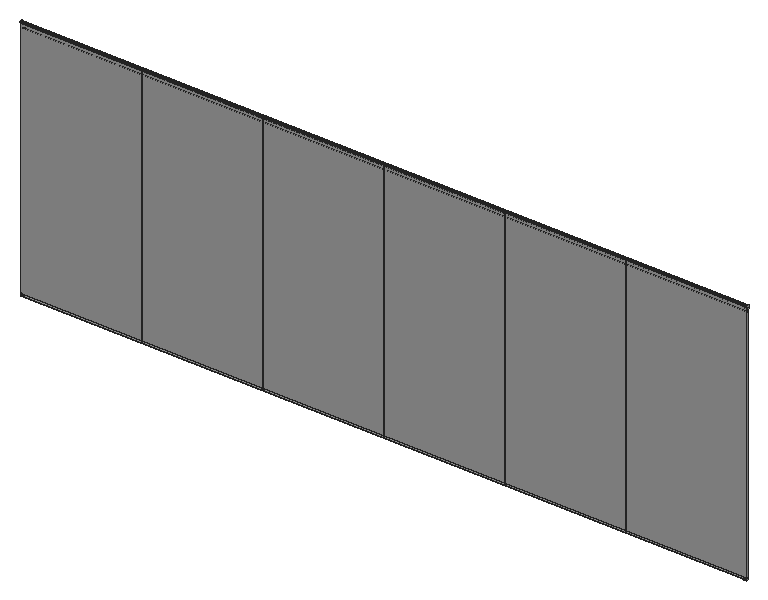
Revit family "Unity Glass Wall 8x24", category Generic Models, Revit 2018
Family settings
  Can host rebar = No
  Round Connector Dimension = Use Diameter
  Part Type = Normal
  Work Plane-Based = No
  Always vertical = Yes
  Cut with Voids When Loaded = No
  Shared = No
  Room Calculation Point = No
Parameters
  Panel #6 = Unity Glass Wall 8x24 Panel #6
  Panel #5 = Unity Glass Wall 8x24 Panel #5
  Panel #4 = Unity Glass Wall 8x24 Panel #4
  Panel #3 = Unity Glass Wall 8x24 Panel #3
  Panel #2 = Unity Glass Wall 8x24 Panel #2
  Panel #1 = Unity Glass Wall 8x24 Panel #1
Reference planes (in)
  plane 1 "Center (Front/Back)": y = 0
  plane 2: z = 0
  plane 3 "Center (Left/Right)": x = 0
Forms (in)
  Extrusion 1, solid, material "Unity Glass Wall Trim Metal"
    sketch origin (-141.73228, 0, 12.64022) x (0, 1, 0) y (0, 0, 1)
      loop
        line (0, 83.30899) -> (-0.645, 83.30899)
        arc (-0.645, 83.30899) -> (-0.70034, 83.28391) -> (-0.71795, 83.22577) r 0.07358
        arc (-0.71795, 83.22577) -> (-0.66251, 82.98163) -> (-0.5634, 82.75172) r 1.36464
        arc (-0.5634, 82.75172) -> (-0.54859, 82.73439) -> (-0.52802, 82.72453) r 0.05514
        line (-0.52802, 82.72453) -> (-0.48302, 82.72453) -> (-0.48302, 82.77531) -> (-0.51842, 82.77531)
        arc (-0.51842, 82.77531) -> (-0.6141, 82.99698) -> (-0.66761, 83.23242) r 1.31386
        arc (-0.66761, 83.23242) -> (-0.66215, 83.25044) -> (-0.645, 83.25821) r 0.0228
        line (-0.645, 83.25821) -> (-0.05078, 83.25821) -> (-0.05078, 82.12852) -> (-0.118, 82.19574) -> (-0.118, 82.45703) -> (-0.166, 82.45703) -> (-0.166, 82.19574)
        arc (-0.166, 82.19574) -> (-0.16235, 82.17737) -> (-0.15194, 82.1618) r 0.048
        line (-0.15194, 82.1618) -> (-0.1, 82.10985) -> (-0.1, 81.00078)
        arc (-0.1, 81.00078) -> (-0.05, 80.95078) -> (0, 81.00078) r 0.05
        line (0, 81.00078) -> (0, 83.30899)
    from 0.2 to 283.26457
  Extrusion 2, solid, material "Unity Glass Wall 8x24 Panel #1" <- "Panel #1"
    sketch origin (-141.73228, 0, 0.63581) x (0, 1, 0) y (0, 0, 1)
      loop
        line (-0.48802, -0.53425) -> (-0.28802, -0.53425) -> (-0.28802, 95.26263) -> (-0.48802, 95.26263) -> (-0.48802, -0.53425)
    from 0 to 47.24409
  Extrusion 3, solid, material "Unity Glass Wall Trim Metal"
    sketch origin (-94.48819, 0, 12.64022) x (0, 1, 0) y (0, 0, 1)
      loop
        line (0, 83.35978) -> (-0.645, 83.35978)
        arc (-0.645, 83.35978) -> (-0.73852, 83.31739) -> (-0.76829, 83.21911) r 0.12436
        arc (-0.76829, 83.21911) -> (-0.55414, 82.63679) -> (-0.11151, 82.20201) r 1.41542
        arc (-0.11151, 82.20201) -> (-0.09645, 82.19579) -> (-0.08019, 82.19478) r 0.04981
        line (-0.08019, 82.19478) -> (0, 82.19478) -> (0, 83.35978)
    from -47.24409 to -47.34409
  Extrusion 4, solid, material "Unity Glass Wall Trim Metal"
    sketch origin (-188.97638, 0, 12.64022) x (0, 1, 0) y (0, 0, -1)
      loop
        line (0, -83.35978) -> (0, -81.00078)
        arc (0, -81.00078) -> (-0.05, -80.95078) -> (-0.1, -81.00078) r 0.05
        line (-0.1, -81.00078) -> (-0.1, -82.10985) -> (-0.15194, -82.1618)
        arc (-0.15194, -82.1618) -> (-0.16235, -82.17737) -> (-0.166, -82.19574) r 0.048
        line (-0.166, -82.19574) -> (-0.166, -82.45703) -> (-0.118, -82.45703) -> (-0.118, -82.19574) -> (-0.048, -82.12574) -> (-0.048, -83.30899) -> (-0.645, -83.30899)
        arc (-0.645, -83.30899) -> (-0.70034, -83.28391) -> (-0.71795, -83.22577) r 0.07358
        arc (-0.71795, -83.22577) -> (-0.66202, -82.98012) -> (-0.56188, -82.74894) r 1.36464
        arc (-0.56188, -82.74894) -> (-0.5474, -82.73362) -> (-0.52802, -82.72531) r 0.05198
        line (-0.52802, -82.72531) -> (-0.48302, -82.72531) -> (-0.48302, -82.67453) -> (-0.5309, -82.67453)
        arc (-0.5309, -82.67453) -> (-0.56773, -82.68318) -> (-0.59684, -82.70734) r 0.08265
        arc (-0.59684, -82.70734) -> (-0.70718, -82.95498) -> (-0.76829, -83.21911) r 1.41542
        arc (-0.76829, -83.21911) -> (-0.73852, -83.31739) -> (-0.645, -83.35978) r 0.12436
        line (-0.645, -83.35978) -> (0, -83.35978)
    from -47.24409 to -47.44409
  Extrusion 5, solid, material "Unity Glass Wall Trim Metal"
    sketch origin (-141.73228, 0, 83.35978) x (0, 1, 0) y (0, 0, 1)
      loop
        line (0, -83.30899) -> (0, -81.00078)
        arc (0, -81.00078) -> (-0.05, -80.95078) -> (-0.1, -81.00078) r 0.05
        line (-0.1, -81.00078) -> (-0.1, -82.10985) -> (-0.15194, -82.1618)
        arc (-0.15194, -82.1618) -> (-0.16235, -82.17737) -> (-0.166, -82.19574) r 0.048
        line (-0.166, -82.19574) -> (-0.166, -82.45703) -> (-0.118, -82.45703) -> (-0.118, -82.19574) -> (-0.05078, -82.12852) -> (-0.05078, -83.25821) -> (-0.645, -83.25821)
        arc (-0.645, -83.25821) -> (-0.66215, -83.25044) -> (-0.66761, -83.23242) r 0.0228
        arc (-0.66761, -83.23242) -> (-0.6141, -82.99698) -> (-0.51842, -82.77531) r 1.31386
        line (-0.51842, -82.77531) -> (-0.48302, -82.77531) -> (-0.48302, -82.72453) -> (-0.52802, -82.72453)
        arc (-0.52802, -82.72453) -> (-0.54859, -82.73439) -> (-0.5634, -82.75172) r 0.05514
        arc (-0.5634, -82.75172) -> (-0.66251, -82.98163) -> (-0.71795, -83.22577) r 1.36464
        arc (-0.71795, -83.22577) -> (-0.70034, -83.28391) -> (-0.645, -83.30899) r 0.07358
        line (-0.645, -83.30899) -> (0, -83.30899)
    from 0.2 to 283.26457
  Extrusion 6, solid, material "Unity Glass Wall Trim Metal"
    sketch origin (-94.48819, 0, 83.35978) x (0, 1, 0) y (0, 0, 1)
      loop
        line (0, -83.35978) -> (0, -82.19478) -> (-0.08019, -82.19478)
        arc (-0.08019, -82.19478) -> (-0.09645, -82.19579) -> (-0.11151, -82.20201) r 0.04981
        arc (-0.11151, -82.20201) -> (-0.55414, -82.63679) -> (-0.76829, -83.21911) r 1.41542
        arc (-0.76829, -83.21911) -> (-0.73852, -83.31739) -> (-0.645, -83.35978) r 0.12436
        line (-0.645, -83.35978) -> (0, -83.35978)
    from -47.24409 to -47.34409
  Extrusion 7, solid, material "Unity Glass Wall Trim Metal"
    sketch origin (-188.97638, 0, 83.35978) x (0, 1, 0) y (0, 0, -1)
      loop
        line (0, 83.35978) -> (-0.645, 83.35978)
        arc (-0.645, 83.35978) -> (-0.73852, 83.31739) -> (-0.76829, 83.21911) r 0.12436
        arc (-0.76829, 83.21911) -> (-0.70718, 82.95498) -> (-0.59684, 82.70734) r 1.41542
        arc (-0.59684, 82.70734) -> (-0.56773, 82.68318) -> (-0.5309, 82.67453) r 0.08265
        line (-0.5309, 82.67453) -> (-0.48302, 82.67453) -> (-0.48302, 82.72531) -> (-0.52802, 82.72531)
        arc (-0.52802, 82.72531) -> (-0.5474, 82.73362) -> (-0.56188, 82.74894) r 0.05198
        arc (-0.56188, 82.74894) -> (-0.66202, 82.98012) -> (-0.71795, 83.22577) r 1.36464
        arc (-0.71795, 83.22577) -> (-0.70034, 83.28391) -> (-0.645, 83.30899) r 0.07358
        line (-0.645, 83.30899) -> (-0.048, 83.30899) -> (-0.048, 82.12574) -> (-0.118, 82.19574) -> (-0.118, 82.45703) -> (-0.166, 82.45703) -> (-0.166, 82.19574)
        arc (-0.166, 82.19574) -> (-0.16235, 82.17737) -> (-0.15194, 82.1618) r 0.048
        line (-0.15194, 82.1618) -> (-0.1, 82.10985) -> (-0.1, 81.00078)
        arc (-0.1, 81.00078) -> (-0.05, 80.95078) -> (0, 81.00078) r 0.05
        line (0, 81.00078) -> (0, 83.35978)
    from -47.24409 to -47.44409
  Extrusion 8, solid, material "Unity Glass Wall 8x24 Panel #2" <- "Panel #2"
    sketch origin (-94.48819, 0, 0.63581) x (0, 1, 0) y (0, 0, 1)
      loop
        line (-0.48802, -0.53425) -> (-0.28802, -0.53425) -> (-0.28802, 95.26263) -> (-0.48802, 95.26263) -> (-0.48802, -0.53425)
    from 0 to 47.24409
  Extrusion 9, solid, material "Unity Glass Wall 8x24 Panel #3" <- "Panel #3"
    sketch origin (0, 0, 0.63581) x (0, 1, 0) y (0, 0, -1)
      loop
        line (-0.48802, 0.53425) -> (-0.48802, -95.26263) -> (-0.28802, -95.26263) -> (-0.28802, 0.53425) -> (-0.48802, 0.53425)
    from 0 to 47.24409
  Extrusion 10, solid, material "Unity Glass Wall 8x24 Panel #4" <- "Panel #4"
    sketch origin (47.24409, 0, 0.63581) x (0, 1, 0) y (0, 0, -1)
      loop
        line (-0.48802, 0.53425) -> (-0.48802, -95.26263) -> (-0.28802, -95.26263) -> (-0.28802, 0.53425) -> (-0.48802, 0.53425)
    from 0 to 47.24409
  Extrusion 11, solid, material "Unity Glass Wall 8x24 Panel #5" <- "Panel #5"
    sketch origin (94.48819, 0, 0.63581) x (0, 1, 0) y (0, 0, -1)
      loop
        line (-0.48802, 0.53425) -> (-0.48802, -95.26263) -> (-0.28802, -95.26263) -> (-0.28802, 0.53425) -> (-0.48802, 0.53425)
    from 0 to 47.24409
  Extrusion 12, solid, material "Unity Glass Wall Trim Metal"
    sketch origin (94.48819, 0, 12.64022) x (0, 1, 0) y (0, 0, -1)
      loop
        line (0, -83.35978) -> (0, -82.19478) -> (-0.08019, -82.19478)
        arc (-0.08019, -82.19478) -> (-0.09645, -82.19579) -> (-0.11151, -82.20201) r 0.04981
        arc (-0.11151, -82.20201) -> (-0.55414, -82.63679) -> (-0.76829, -83.21911) r 1.41542
        arc (-0.76829, -83.21911) -> (-0.73852, -83.31739) -> (-0.645, -83.35978) r 0.12436
        line (-0.645, -83.35978) -> (0, -83.35978)
    from -47.24409 to -47.34409
  Extrusion 13, solid, material "Unity Glass Wall Trim Metal"
    sketch origin (188.97638, 0, 12.64022) x (0, 1, 0) y (0, 0, 1)
      loop
        line (0, 83.35978) -> (-0.645, 83.35978)
        arc (-0.645, 83.35978) -> (-0.73852, 83.31739) -> (-0.76829, 83.21911) r 0.12436
        arc (-0.76829, 83.21911) -> (-0.70718, 82.95498) -> (-0.59684, 82.70734) r 1.41542
        arc (-0.59684, 82.70734) -> (-0.56773, 82.68318) -> (-0.5309, 82.67453) r 0.08265
        line (-0.5309, 82.67453) -> (-0.48302, 82.67453) -> (-0.48302, 82.72531) -> (-0.52802, 82.72531)
        arc (-0.52802, 82.72531) -> (-0.5474, 82.73362) -> (-0.56188, 82.74894) r 0.05198
        arc (-0.56188, 82.74894) -> (-0.66202, 82.98012) -> (-0.71795, 83.22577) r 1.36464
        arc (-0.71795, 83.22577) -> (-0.70034, 83.28391) -> (-0.645, 83.30899) r 0.07358
        line (-0.645, 83.30899) -> (-0.048, 83.30899) -> (-0.048, 82.12574) -> (-0.118, 82.19574) -> (-0.118, 82.45703) -> (-0.166, 82.45703) -> (-0.166, 82.19574)
        arc (-0.166, 82.19574) -> (-0.16235, 82.17737) -> (-0.15194, 82.1618) r 0.048
        line (-0.15194, 82.1618) -> (-0.1, 82.10985) -> (-0.1, 81.00078)
        arc (-0.1, 81.00078) -> (-0.05, 80.95078) -> (0, 81.00078) r 0.05
        line (0, 81.00078) -> (0, 83.35978)
    from -47.24409 to -47.44409
  Extrusion 14, solid, material "Unity Glass Wall Trim Metal"
    sketch origin (94.48819, 0, 83.35978) x (0, 1, 0) y (0, 0, -1)
      loop
        line (0, 83.35978) -> (-0.645, 83.35978)
        arc (-0.645, 83.35978) -> (-0.73852, 83.31739) -> (-0.76829, 83.21911) r 0.12436
        arc (-0.76829, 83.21911) -> (-0.55414, 82.63679) -> (-0.11151, 82.20201) r 1.41542
        arc (-0.11151, 82.20201) -> (-0.09645, 82.19579) -> (-0.08019, 82.19478) r 0.04981
        line (-0.08019, 82.19478) -> (0, 82.19478) -> (0, 83.35978)
    from -47.24409 to -47.34409
  Extrusion 15, solid, material "Unity Glass Wall Trim Metal"
    sketch origin (188.97638, 0, 83.35978) x (0, 1, 0) y (0, 0, 1)
      loop
        line (0, -83.35978) -> (0, -81.00078)
        arc (0, -81.00078) -> (-0.05, -80.95078) -> (-0.1, -81.00078) r 0.05
        line (-0.1, -81.00078) -> (-0.1, -82.10985) -> (-0.15194, -82.1618)
        arc (-0.15194, -82.1618) -> (-0.16235, -82.17737) -> (-0.166, -82.19574) r 0.048
        line (-0.166, -82.19574) -> (-0.166, -82.45703) -> (-0.118, -82.45703) -> (-0.118, -82.19574) -> (-0.048, -82.12574) -> (-0.048, -83.30899) -> (-0.645, -83.30899)
        arc (-0.645, -83.30899) -> (-0.70034, -83.28391) -> (-0.71795, -83.22577) r 0.07358
        arc (-0.71795, -83.22577) -> (-0.66202, -82.98012) -> (-0.56188, -82.74894) r 1.36464
        arc (-0.56188, -82.74894) -> (-0.5474, -82.73362) -> (-0.52802, -82.72531) r 0.05198
        line (-0.52802, -82.72531) -> (-0.48302, -82.72531) -> (-0.48302, -82.67453) -> (-0.5309, -82.67453)
        arc (-0.5309, -82.67453) -> (-0.56773, -82.68318) -> (-0.59684, -82.70734) r 0.08265
        arc (-0.59684, -82.70734) -> (-0.70718, -82.95498) -> (-0.76829, -83.21911) r 1.41542
        arc (-0.76829, -83.21911) -> (-0.73852, -83.31739) -> (-0.645, -83.35978) r 0.12436
        line (-0.645, -83.35978) -> (0, -83.35978)
    from -47.24409 to -47.44409
  Extrusion 16, solid, material "Unity Glass Wall 8x24 Panel #6" <- "Panel #6"
    sketch origin (141.73228, 0, 0.63581) x (0, 1, 0) y (0, 0, -1)
      loop
        line (-0.48802, 0.53425) -> (-0.48802, -95.26263) -> (-0.28802, -95.26263) -> (-0.28802, 0.53425) -> (-0.48802, 0.53425)
    from 0 to 47.24409
Dimensions and locks (in)
  aligned and locked: plane 2 to level
